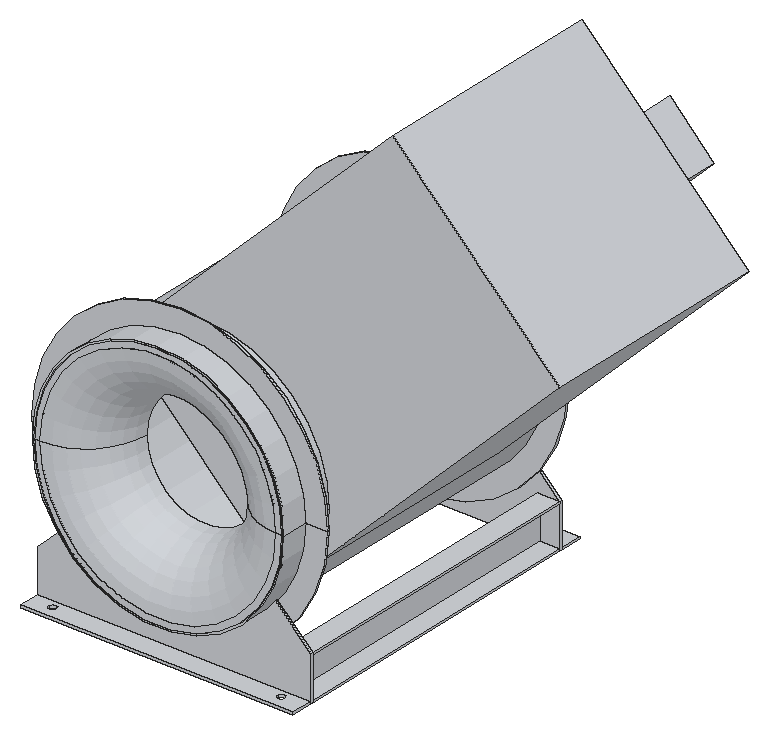
Revit family "QMX-HP_Horizontal", category Mechanical Equipment, Revit 2019 (continued)
Types (145): name | POSITION | MOT_H | MOT_G | MOT_F | MOT_E | MOT_D | MOT_C | MOT_B | MOT_A | MOTOR_H | MOTOR_G | MOTOR_F | MOTOR_E | MOTOR_D | MOTOR_C | MOTOR_B | MOTOR_A | MCHALF | MOTORCOVER | H/2 | H | G/2 | -B/3*2 | -(G/2)-.75 | (G/2)-.75 | G+1.5 | G | F/2 | F-1.5 | F+1.5 | F | E-D-1.5 | E-D | E | D | C/2 | C | B/8 | B/6 | B/3*2 | B/2 | B/10 | B | A/8 | A/4 | A/2 | A | -(B/2) | (F+3)/2 | (A/2)-.125
  135-QMX-HP_HOR_MOTOR_G | 6' - 0" | no | yes | no | no | no | no | no | no | 0' - 1" | 2' - 3 1/2" | 0' - 1" | 0' - 1" | 0' - 1" | 0' - 1" | 0' - 1" | 0' - 1" | 0' - 9" | 1' - 6" | 0' - 0 1/4" | 0' - 0 1/2" | 1' - 0 3/4" | -1' - 6" | -1' - 0" | 1' - 0" | 2' - 3" | 2' - 1 1/2" | 0' - 8 3/4" | 1' - 4" | 1' - 7" | 1' - 5 1/2" | 2' - 2" | 2' - 3 1/2" | 3' - 3 1/2" | 1' - 0" | 0' - 11 1/8" | 1' - 10 1/4" | 0' - 4 1/2" | 0' - 4 1/2" | 1' - 6" | 1' - 1 1/2" | 0' - 2.7" | 2' - 3" | 0' - 2 13/32" | 0' - 4 13/16" | 0' - 9 5/8" | 1' - 7 1/4" | -1' - 1 1/2" | 0' - 10 1/4" | 0' - 9 1/2"
  135-QMX-HP_HOR_MOTOR_H | 7' - 0" | yes | no | no | no | no | no | no | no | 2' - 3 1/2" | 0' - 1" | 0' - 1" | 0' - 1" | 0' - 1" | 0' - 1" | 0' - 1" | 0' - 1" | 0' - 9" | 1' - 6" | 0' - 0 1/4" | 0' - 0 1/2" | 1' - 0 3/4" | -1' - 6" | -1' - 0" | 1' - 0" | 2' - 3" | 2' - 1 1/2" | 0' - 8 3/4" | 1' - 4" | 1' - 7" | 1' - 5 1/2" | 2' - 2" | 2' - 3 1/2" | 3' - 3 1/2" | 1' - 0" | 0' - 11 1/8" | 1' - 10 1/4" | 0' - 4 1/2" | 0' - 4 1/2" | 1' - 6" | 1' - 1 1/2" | 0' - 2.7" | 2' - 3" | 0' - 2 13/32" | 0' - 4 13/16" | 0' - 9 5/8" | 1' - 7 1/4" | -1' - 1 1/2" | 0' - 10 1/4" | 0' - 9 1/2"
  150-QMX-HP_HOR_MOTOR_B | 1' - 0" | no | no | no | no | no | no | yes | no | 0' - 1" | 0' - 1" | 0' - 1" | 0' - 1" | 0' - 1" | 0' - 1" | 2' - 4 7/8" | 0' - 1" | 0' - 10" | 1' - 8" | 0' - 0 1/4" | 0' - 0 1/2" | 1' - 2 5/16" | -1' - 8" | -1' - 1 9/16" | 1' - 1 9/16" | 2' - 6 1/8" | 2' - 4 5/8" | 0' - 9 3/8" | 1' - 5 1/4" | 1' - 8 1/4" | 1' - 6 3/4" | 2' - 3 3/8" | 2' - 4 7/8" | 3' - 6 1/16" | 1' - 1 3/16" | 1' - 0 3/16" | 2' - 0 3/8" | 0' - 5" | 0' - 5" | 1' - 8" | 1' - 3" | 0' - 3" | 2' - 6" | 0' - 2 43/64" | 0' - 5 11/32" | 0' - 10 11/16" | 1' - 9 3/8" | -1' - 3" | 0' - 10 7/8" | 0' - 10 9/16"
  150-QMX-HP_HOR_MOTOR_C | 2' - 0" | no | no | no | no | no | yes | no | no | 0' - 1" | 0' - 1" | 0' - 1" | 0' - 1" | 0' - 1" | 2' - 4 7/8" | 0' - 1" | 0' - 1" | 0' - 10" | 1' - 8" | 0' - 0 1/4" | 0' - 0 1/2" | 1' - 2 5/16" | -1' - 8" | -1' - 1 9/16" | 1' - 1 9/16" | 2' - 6 1/8" | 2' - 4 5/8" | 0' - 9 3/8" | 1' - 5 1/4" | 1' - 8 1/4" | 1' - 6 3/4" | 2' - 3 3/8" | 2' - 4 7/8" | 3' - 6 1/16" | 1' - 1 3/16" | 1' - 0 3/16" | 2' - 0 3/8" | 0' - 5" | 0' - 5" | 1' - 8" | 1' - 3" | 0' - 3" | 2' - 6" | 0' - 2 43/64" | 0' - 5 11/32" | 0' - 10 11/16" | 1' - 9 3/8" | -1' - 3" | 0' - 10 7/8" | 0' - 10 9/16"
  150-QMX-HP_HOR_MOTOR_D | 3' - 0" | no | no | no | no | yes | no | no | no | 0' - 1" | 0' - 1" | 0' - 1" | 0' - 1" | 2' - 4 7/8" | 0' - 1" | 0' - 1" | 0' - 1" | 0' - 10" | 1' - 8" | 0' - 0 1/4" | 0' - 0 1/2" | 1' - 2 5/16" | -1' - 8" | -1' - 1 9/16" | 1' - 1 9/16" | 2' - 6 1/8" | 2' - 4 5/8" | 0' - 9 3/8" | 1' - 5 1/4" | 1' - 8 1/4" | 1' - 6 3/4" | 2' - 3 3/8" | 2' - 4 7/8" | 3' - 6 1/16" | 1' - 1 3/16" | 1' - 0 3/16" | 2' - 0 3/8" | 0' - 5" | 0' - 5" | 1' - 8" | 1' - 3" | 0' - 3" | 2' - 6" | 0' - 2 43/64" | 0' - 5 11/32" | 0' - 10 11/16" | 1' - 9 3/8" | -1' - 3" | 0' - 10 7/8" | 0' - 10 9/16"
  150-QMX-HP_HOR_MOTOR_E | 4' - 0" | no | no | no | yes | no | no | no | no | 0' - 1" | 0' - 1" | 0' - 1" | 2' - 4 7/8" | 0' - 1" | 0' - 1" | 0' - 1" | 0' - 1" | 0' - 10" | 1' - 8" | 0' - 0 1/4" | 0' - 0 1/2" | 1' - 2 5/16" | -1' - 8" | -1' - 1 9/16" | 1' - 1 9/16" | 2' - 6 1/8" | 2' - 4 5/8" | 0' - 9 3/8" | 1' - 5 1/4" | 1' - 8 1/4" | 1' - 6 3/4" | 2' - 3 3/8" | 2' - 4 7/8" | 3' - 6 1/16" | 1' - 1 3/16" | 1' - 0 3/16" | 2' - 0 3/8" | 0' - 5" | 0' - 5" | 1' - 8" | 1' - 3" | 0' - 3" | 2' - 6" | 0' - 2 43/64" | 0' - 5 11/32" | 0' - 10 11/16" | 1' - 9 3/8" | -1' - 3" | 0' - 10 7/8" | 0' - 10 9/16"
  150-QMX-HP_HOR_MOTOR_F | 5' - 0" | no | no | yes | no | no | no | no | no | 0' - 1" | 0' - 1" | 2' - 4 7/8" | 0' - 1" | 0' - 1" | 0' - 1" | 0' - 1" | 0' - 1" | 0' - 10" | 1' - 8" | 0' - 0 1/4" | 0' - 0 1/2" | 1' - 2 5/16" | -1' - 8" | -1' - 1 9/16" | 1' - 1 9/16" | 2' - 6 1/8" | 2' - 4 5/8" | 0' - 9 3/8" | 1' - 5 1/4" | 1' - 8 1/4" | 1' - 6 3/4" | 2' - 3 3/8" | 2' - 4 7/8" | 3' - 6 1/16" | 1' - 1 3/16" | 1' - 0 3/16" | 2' - 0 3/8" | 0' - 5" | 0' - 5" | 1' - 8" | 1' - 3" | 0' - 3" | 2' - 6" | 0' - 2 43/64" | 0' - 5 11/32" | 0' - 10 11/16" | 1' - 9 3/8" | -1' - 3" | 0' - 10 7/8" | 0' - 10 9/16"
  150-QMX-HP_HOR_MOTOR_G | 6' - 0" | no | yes | no | no | no | no | no | no | 0' - 1" | 2' - 4 7/8" | 0' - 1" | 0' - 1" | 0' - 1" | 0' - 1" | 0' - 1" | 0' - 1" | 0' - 10" | 1' - 8" | 0' - 0 1/4" | 0' - 0 1/2" | 1' - 2 5/16" | -1' - 8" | -1' - 1 9/16" | 1' - 1 9/16" | 2' - 6 1/8" | 2' - 4 5/8" | 0' - 9 3/8" | 1' - 5 1/4" | 1' - 8 1/4" | 1' - 6 3/4" | 2' - 3 3/8" | 2' - 4 7/8" | 3' - 6 1/16" | 1' - 1 3/16" | 1' - 0 3/16" | 2' - 0 3/8" | 0' - 5" | 0' - 5" | 1' - 8" | 1' - 3" | 0' - 3" | 2' - 6" | 0' - 2 43/64" | 0' - 5 11/32" | 0' - 10 11/16" | 1' - 9 3/8" | -1' - 3" | 0' - 10 7/8" | 0' - 10 9/16"
  150-QMX-HP_HOR_MOTOR_H | 7' - 0" | yes | no | no | no | no | no | no | no | 2' - 4 7/8" | 0' - 1" | 0' - 1" | 0' - 1" | 0' - 1" | 0' - 1" | 0' - 1" | 0' - 1" | 0' - 10" | 1' - 8" | 0' - 0 1/4" | 0' - 0 1/2" | 1' - 2 5/16" | -1' - 8" | -1' - 1 9/16" | 1' - 1 9/16" | 2' - 6 1/8" | 2' - 4 5/8" | 0' - 9 3/8" | 1' - 5 1/4" | 1' - 8 1/4" | 1' - 6 3/4" | 2' - 3 3/8" | 2' - 4 7/8" | 3' - 6 1/16" | 1' - 1 3/16" | 1' - 0 3/16" | 2' - 0 3/8" | 0' - 5" | 0' - 5" | 1' - 8" | 1' - 3" | 0' - 3" | 2' - 6" | 0' - 2 43/64" | 0' - 5 11/32" | 0' - 10 11/16" | 1' - 9 3/8" | -1' - 3" | 0' - 10 7/8" | 0' - 10 9/16"
  165-QMX-HP_HOR_MOTOR_B | 1' - 0" | no | no | no | no | no | no | yes | no | 0' - 1" | 0' - 1" | 0' - 1" | 0' - 1" | 0' - 1" | 0' - 1" | 2' - 5 7/16" | 0' - 1" | 0' - 10" | 1' - 8" | 0' - 0 1/4" | 0' - 0 1/2" | 1' - 3 13/16" | -1' - 10" | -1' - 3 1/16" | 1' - 3 1/16" | 2' - 9 1/8" | 2' - 7 5/8" | 0' - 10 13/32" | 1' - 7 5/16" | 1' - 10 5/16" | 1' - 8 13/16" | 2' - 3 15/16" | 2' - 5 7/16" | 3' - 7 3/4" | 1' - 2 5/16" | 1' - 1 1/4" | 2' - 2 1/2" | 0' - 5 1/2" | 0' - 5 1/2" | 1' - 10" | 1' - 4 1/2" | 0' - 3.3" | 2' - 9" | 0' - 2 15/16" | 0' - 5 7/8" | 0' - 11 3/4" | 1' - 11 1/2" | -1' - 4 1/2" | 0' - 11 29/32" | 0' - 11 5/8"
  165-QMX-HP_HOR_MOTOR_C | 2' - 0" | no | no | no | no | no | yes | no | no | 0' - 1" | 0' - 1" | 0' - 1" | 0' - 1" | 0' - 1" | 2' - 5 7/16" | 0' - 1" | 0' - 1" | 0' - 10" | 1' - 8" | 0' - 0 1/4" | 0' - 0 1/2" | 1' - 3 13/16" | -1' - 10" | -1' - 3 1/16" | 1' - 3 1/16" | 2' - 9 1/8" | 2' - 7 5/8" | 0' - 10 13/32" | 1' - 7 5/16" | 1' - 10 5/16" | 1' - 8 13/16" | 2' - 3 15/16" | 2' - 5 7/16" | 3' - 7 3/4" | 1' - 2 5/16" | 1' - 1 1/4" | 2' - 2 1/2" | 0' - 5 1/2" | 0' - 5 1/2" | 1' - 10" | 1' - 4 1/2" | 0' - 3.3" | 2' - 9" | 0' - 2 15/16" | 0' - 5 7/8" | 0' - 11 3/4" | 1' - 11 1/2" | -1' - 4 1/2" | 0' - 11 29/32" | 0' - 11 5/8"
  165-QMX-HP_HOR_MOTOR_D | 3' - 0" | no | no | no | no | yes | no | no | no | 0' - 1" | 0' - 1" | 0' - 1" | 0' - 1" | 2' - 5 7/16" | 0' - 1" | 0' - 1" | 0' - 1" | 0' - 10" | 1' - 8" | 0' - 0 1/4" | 0' - 0 1/2" | 1' - 3 13/16" | -1' - 10" | -1' - 3 1/16" | 1' - 3 1/16" | 2' - 9 1/8" | 2' - 7 5/8" | 0' - 10 13/32" | 1' - 7 5/16" | 1' - 10 5/16" | 1' - 8 13/16" | 2' - 3 15/16" | 2' - 5 7/16" | 3' - 7 3/4" | 1' - 2 5/16" | 1' - 1 1/4" | 2' - 2 1/2" | 0' - 5 1/2" | 0' - 5 1/2" | 1' - 10" | 1' - 4 1/2" | 0' - 3.3" | 2' - 9" | 0' - 2 15/16" | 0' - 5 7/8" | 0' - 11 3/4" | 1' - 11 1/2" | -1' - 4 1/2" | 0' - 11 29/32" | 0' - 11 5/8"
  165-QMX-HP_HOR_MOTOR_E | 4' - 0" | no | no | no | yes | no | no | no | no | 0' - 1" | 0' - 1" | 0' - 1" | 2' - 5 7/16" | 0' - 1" | 0' - 1" | 0' - 1" | 0' - 1" | 0' - 10" | 1' - 8" | 0' - 0 1/4" | 0' - 0 1/2" | 1' - 3 13/16" | -1' - 10" | -1' - 3 1/16" | 1' - 3 1/16" | 2' - 9 1/8" | 2' - 7 5/8" | 0' - 10 13/32" | 1' - 7 5/16" | 1' - 10 5/16" | 1' - 8 13/16" | 2' - 3 15/16" | 2' - 5 7/16" | 3' - 7 3/4" | 1' - 2 5/16" | 1' - 1 1/4" | 2' - 2 1/2" | 0' - 5 1/2" | 0' - 5 1/2" | 1' - 10" | 1' - 4 1/2" | 0' - 3.3" | 2' - 9" | 0' - 2 15/16" | 0' - 5 7/8" | 0' - 11 3/4" | 1' - 11 1/2" | -1' - 4 1/2" | 0' - 11 29/32" | 0' - 11 5/8"
  165-QMX-HP_HOR_MOTOR_F | 5' - 0" | no | no | yes | no | no | no | no | no | 0' - 1" | 0' - 1" | 2' - 5 7/16" | 0' - 1" | 0' - 1" | 0' - 1" | 0' - 1" | 0' - 1" | 0' - 10" | 1' - 8" | 0' - 0 1/4" | 0' - 0 1/2" | 1' - 3 13/16" | -1' - 10" | -1' - 3 1/16" | 1' - 3 1/16" | 2' - 9 1/8" | 2' - 7 5/8" | 0' - 10 13/32" | 1' - 7 5/16" | 1' - 10 5/16" | 1' - 8 13/16" | 2' - 3 15/16" | 2' - 5 7/16" | 3' - 7 3/4" | 1' - 2 5/16" | 1' - 1 1/4" | 2' - 2 1/2" | 0' - 5 1/2" | 0' - 5 1/2" | 1' - 10" | 1' - 4 1/2" | 0' - 3.3" | 2' - 9" | 0' - 2 15/16" | 0' - 5 7/8" | 0' - 11 3/4" | 1' - 11 1/2" | -1' - 4 1/2" | 0' - 11 29/32" | 0' - 11 5/8"
  165-QMX-HP_HOR_MOTOR_G | 6' - 0" | no | yes | no | no | no | no | no | no | 0' - 1" | 2' - 5 7/16" | 0' - 1" | 0' - 1" | 0' - 1" | 0' - 1" | 0' - 1" | 0' - 1" | 0' - 10" | 1' - 8" | 0' - 0 1/4" | 0' - 0 1/2" | 1' - 3 13/16" | -1' - 10" | -1' - 3 1/16" | 1' - 3 1/16" | 2' - 9 1/8" | 2' - 7 5/8" | 0' - 10 13/32" | 1' - 7 5/16" | 1' - 10 5/16" | 1' - 8 13/16" | 2' - 3 15/16" | 2' - 5 7/16" | 3' - 7 3/4" | 1' - 2 5/16" | 1' - 1 1/4" | 2' - 2 1/2" | 0' - 5 1/2" | 0' - 5 1/2" | 1' - 10" | 1' - 4 1/2" | 0' - 3.3" | 2' - 9" | 0' - 2 15/16" | 0' - 5 7/8" | 0' - 11 3/4" | 1' - 11 1/2" | -1' - 4 1/2" | 0' - 11 29/32" | 0' - 11 5/8"
  165-QMX-HP_HOR_MOTOR_H | 7' - 0" | yes | no | no | no | no | no | no | no | 2' - 5 7/16" | 0' - 1" | 0' - 1" | 0' - 1" | 0' - 1" | 0' - 1" | 0' - 1" | 0' - 1" | 0' - 10" | 1' - 8" | 0' - 0 1/4" | 0' - 0 1/2" | 1' - 3 13/16" | -1' - 10" | -1' - 3 1/16" | 1' - 3 1/16" | 2' - 9 1/8" | 2' - 7 5/8" | 0' - 10 13/32" | 1' - 7 5/16" | 1' - 10 5/16" | 1' - 8 13/16" | 2' - 3 15/16" | 2' - 5 7/16" | 3' - 7 3/4" | 1' - 2 5/16" | 1' - 1 1/4" | 2' - 2 1/2" | 0' - 5 1/2" | 0' - 5 1/2" | 1' - 10" | 1' - 4 1/2" | 0' - 3.3" | 2' - 9" | 0' - 2 15/16" | 0' - 5 7/8" | 0' - 11 3/4" | 1' - 11 1/2" | -1' - 4 1/2" | 0' - 11 29/32" | 0' - 11 5/8"
  180-QMX-HP_HOR_MOTOR_B | 1' - 0" | no | no | no | no | no | no | yes | no | 0' - 1" | 0' - 1" | 0' - 1" | 0' - 1" | 0' - 1" | 0' - 1" | 2' - 6 3/4" | 0' - 1" | 0' - 10" | 1' - 8" | 0' - 0 9/32" | 0' - 0 9/16" | 1' - 4 13/16" | -1' - 11.33333" | -1' - 4 1/16" | 1' - 4 1/16" | 2' - 11 1/8" | 2' - 9 5/8" | 0' - 11 13/32" | 1' - 9 5/16" | 2' - 0 5/16" | 1' - 10 13/16" | 2' - 5 1/4" | 2' - 6 3/4" | 3' - 10 1/4" | 1' - 3 1/2" | 1' - 2 5/16" | 2' - 4 5/8" | 0' - 5.83333" | 0' - 5.83333" | 1' - 11.33333" | 1' - 5 1/2" | 0' - 3 1/2" | 2' - 11" | 0' - 3 13/64" | 0' - 6 13/32" | 1' - 0 13/16" | 2' - 1 5/8" | -1' - 5 1/2" | 1' - 0 29/32" | 1' - 0 11/16"
  180-QMX-HP_HOR_MOTOR_C | 2' - 0" | no | no | no | no | no | yes | no | no | 0' - 1" | 0' - 1" | 0' - 1" | 0' - 1" | 0' - 1" | 2' - 6 3/4" | 0' - 1" | 0' - 1" | 0' - 10" | 1' - 8" | 0' - 0 9/32" | 0' - 0 9/16" | 1' - 4 13/16" | -1' - 11.33333" | -1' - 4 1/16" | 1' - 4 1/16" | 2' - 11 1/8" | 2' - 9 5/8" | 0' - 11 13/32" | 1' - 9 5/16" | 2' - 0 5/16" | 1' - 10 13/16" | 2' - 5 1/4" | 2' - 6 3/4" | 3' - 10 1/4" | 1' - 3 1/2" | 1' - 2 5/16" | 2' - 4 5/8" | 0' - 5.83333" | 0' - 5.83333" | 1' - 11.33333" | 1' - 5 1/2" | 0' - 3 1/2" | 2' - 11" | 0' - 3 13/64" | 0' - 6 13/32" | 1' - 0 13/16" | 2' - 1 5/8" | -1' - 5 1/2" | 1' - 0 29/32" | 1' - 0 11/16"
  180-QMX-HP_HOR_MOTOR_D | 3' - 0" | no | no | no | no | yes | no | no | no | 0' - 1" | 0' - 1" | 0' - 1" | 0' - 1" | 2' - 6 3/4" | 0' - 1" | 0' - 1" | 0' - 1" | 0' - 10" | 1' - 8" | 0' - 0 9/32" | 0' - 0 9/16" | 1' - 4 13/16" | -1' - 11.33333" | -1' - 4 1/16" | 1' - 4 1/16" | 2' - 11 1/8" | 2' - 9 5/8" | 0' - 11 13/32" | 1' - 9 5/16" | 2' - 0 5/16" | 1' - 10 13/16" | 2' - 5 1/4" | 2' - 6 3/4" | 3' - 10 1/4" | 1' - 3 1/2" | 1' - 2 5/16" | 2' - 4 5/8" | 0' - 5.83333" | 0' - 5.83333" | 1' - 11.33333" | 1' - 5 1/2" | 0' - 3 1/2" | 2' - 11" | 0' - 3 13/64" | 0' - 6 13/32" | 1' - 0 13/16" | 2' - 1 5/8" | -1' - 5 1/2" | 1' - 0 29/32" | 1' - 0 11/16"
  180-QMX-HP_HOR_MOTOR_E | 4' - 0" | no | no | no | yes | no | no | no | no | 0' - 1" | 0' - 1" | 0' - 1" | 2' - 6 3/4" | 0' - 1" | 0' - 1" | 0' - 1" | 0' - 1" | 0' - 10" | 1' - 8" | 0' - 0 9/32" | 0' - 0 9/16" | 1' - 4 13/16" | -1' - 11.33333" | -1' - 4 1/16" | 1' - 4 1/16" | 2' - 11 1/8" | 2' - 9 5/8" | 0' - 11 13/32" | 1' - 9 5/16" | 2' - 0 5/16" | 1' - 10 13/16" | 2' - 5 1/4" | 2' - 6 3/4" | 3' - 10 1/4" | 1' - 3 1/2" | 1' - 2 5/16" | 2' - 4 5/8" | 0' - 5.83333" | 0' - 5.83333" | 1' - 11.33333" | 1' - 5 1/2" | 0' - 3 1/2" | 2' - 11" | 0' - 3 13/64" | 0' - 6 13/32" | 1' - 0 13/16" | 2' - 1 5/8" | -1' - 5 1/2" | 1' - 0 29/32" | 1' - 0 11/16"
  180-QMX-HP_HOR_MOTOR_F | 5' - 0" | no | no | yes | no | no | no | no | no | 0' - 1" | 0' - 1" | 2' - 6 3/4" | 0' - 1" | 0' - 1" | 0' - 1" | 0' - 1" | 0' - 1" | 0' - 10" | 1' - 8" | 0' - 0 9/32" | 0' - 0 9/16" | 1' - 4 13/16" | -1' - 11.33333" | -1' - 4 1/16" | 1' - 4 1/16" | 2' - 11 1/8" | 2' - 9 5/8" | 0' - 11 13/32" | 1' - 9 5/16" | 2' - 0 5/16" | 1' - 10 13/16" | 2' - 5 1/4" | 2' - 6 3/4" | 3' - 10 1/4" | 1' - 3 1/2" | 1' - 2 5/16" | 2' - 4 5/8" | 0' - 5.83333" | 0' - 5.83333" | 1' - 11.33333" | 1' - 5 1/2" | 0' - 3 1/2" | 2' - 11" | 0' - 3 13/64" | 0' - 6 13/32" | 1' - 0 13/16" | 2' - 1 5/8" | -1' - 5 1/2" | 1' - 0 29/32" | 1' - 0 11/16"
  180-QMX-HP_HOR_MOTOR_G | 6' - 0" | no | yes | no | no | no | no | no | no | 0' - 1" | 2' - 6 3/4" | 0' - 1" | 0' - 1" | 0' - 1" | 0' - 1" | 0' - 1" | 0' - 1" | 0' - 10" | 1' - 8" | 0' - 0 9/32" | 0' - 0 9/16" | 1' - 4 13/16" | -1' - 11.33333" | -1' - 4 1/16" | 1' - 4 1/16" | 2' - 11 1/8" | 2' - 9 5/8" | 0' - 11 13/32" | 1' - 9 5/16" | 2' - 0 5/16" | 1' - 10 13/16" | 2' - 5 1/4" | 2' - 6 3/4" | 3' - 10 1/4" | 1' - 3 1/2" | 1' - 2 5/16" | 2' - 4 5/8" | 0' - 5.83333" | 0' - 5.83333" | 1' - 11.33333" | 1' - 5 1/2" | 0' - 3 1/2" | 2' - 11" | 0' - 3 13/64" | 0' - 6 13/32" | 1' - 0 13/16" | 2' - 1 5/8" | -1' - 5 1/2" | 1' - 0 29/32" | 1' - 0 11/16"
  180-QMX-HP_HOR_MOTOR_H | 7' - 0" | yes | no | no | no | no | no | no | no | 2' - 6 3/4" | 0' - 1" | 0' - 1" | 0' - 1" | 0' - 1" | 0' - 1" | 0' - 1" | 0' - 1" | 0' - 10" | 1' - 8" | 0' - 0 9/32" | 0' - 0 9/16" | 1' - 4 13/16" | -1' - 11.33333" | -1' - 4 1/16" | 1' - 4 1/16" | 2' - 11 1/8" | 2' - 9 5/8" | 0' - 11 13/32" | 1' - 9 5/16" | 2' - 0 5/16" | 1' - 10 13/16" | 2' - 5 1/4" | 2' - 6 3/4" | 3' - 10 1/4" | 1' - 3 1/2" | 1' - 2 5/16" | 2' - 4 5/8" | 0' - 5.83333" | 0' - 5.83333" | 1' - 11.33333" | 1' - 5 1/2" | 0' - 3 1/2" | 2' - 11" | 0' - 3 13/64" | 0' - 6 13/32" | 1' - 0 13/16" | 2' - 1 5/8" | -1' - 5 1/2" | 1' - 0 29/32" | 1' - 0 11/16"
  202-QMX-HP_HOR_MOTOR_B | 1' - 0" | no | no | no | no | no | no | yes | no | 0' - 1" | 0' - 1" | 0' - 1" | 0' - 1" | 0' - 1" | 0' - 1" | 2' - 8 11/16" | 0' - 1" | 0' - 10" | 1' - 8" | 0' - 0 9/32" | 0' - 0 9/16" | 1' - 6 1/16" | -2' - 1" | -1' - 5 5/16" | 1' - 5 5/16" | 3' - 1 5/8" | 3' - 0 1/8" | 1' - 0 1/8" | 1' - 10 3/4" | 2' - 1 3/4" | 2' - 0 1/4" | 2' - 7 3/16" | 2' - 8 11/16" | 4' - 1 15/16" | 1' - 5 1/4" | 1' - 3 7/8" | 2' - 7 3/4" | 0' - 6 1/4" | 0' - 6 1/4" | 2' - 1" | 1' - 6 3/4" | 0' - 3 3/4" | 3' - 1 1/2" | 0' - 3 19/32" | 0' - 7 3/16" | 1' - 2 3/8" | 2' - 4 3/4" | -1' - 6 3/4" | 1' - 1 5/8" | 1' - 2 1/4"
  202-QMX-HP_HOR_MOTOR_C | 2' - 0" | no | no | no | no | no | yes | no | no | 0' - 1" | 0' - 1" | 0' - 1" | 0' - 1" | 0' - 1" | 2' - 8 11/16" | 0' - 1" | 0' - 1" | 0' - 10" | 1' - 8" | 0' - 0 9/32" | 0' - 0 9/16" | 1' - 6 1/16" | -2' - 1" | -1' - 5 5/16" | 1' - 5 5/16" | 3' - 1 5/8" | 3' - 0 1/8" | 1' - 0 1/8" | 1' - 10 3/4" | 2' - 1 3/4" | 2' - 0 1/4" | 2' - 7 3/16" | 2' - 8 11/16" | 4' - 1 15/16" | 1' - 5 1/4" | 1' - 3 7/8" | 2' - 7 3/4" | 0' - 6 1/4" | 0' - 6 1/4" | 2' - 1" | 1' - 6 3/4" | 0' - 3 3/4" | 3' - 1 1/2" | 0' - 3 19/32" | 0' - 7 3/16" | 1' - 2 3/8" | 2' - 4 3/4" | -1' - 6 3/4" | 1' - 1 5/8" | 1' - 2 1/4"
  202-QMX-HP_HOR_MOTOR_D | 3' - 0" | no | no | no | no | yes | no | no | no | 0' - 1" | 0' - 1" | 0' - 1" | 0' - 1" | 2' - 8 11/16" | 0' - 1" | 0' - 1" | 0' - 1" | 0' - 10" | 1' - 8" | 0' - 0 9/32" | 0' - 0 9/16" | 1' - 6 1/16" | -2' - 1" | -1' - 5 5/16" | 1' - 5 5/16" | 3' - 1 5/8" | 3' - 0 1/8" | 1' - 0 1/8" | 1' - 10 3/4" | 2' - 1 3/4" | 2' - 0 1/4" | 2' - 7 3/16" | 2' - 8 11/16" | 4' - 1 15/16" | 1' - 5 1/4" | 1' - 3 7/8" | 2' - 7 3/4" | 0' - 6 1/4" | 0' - 6 1/4" | 2' - 1" | 1' - 6 3/4" | 0' - 3 3/4" | 3' - 1 1/2" | 0' - 3 19/32" | 0' - 7 3/16" | 1' - 2 3/8" | 2' - 4 3/4" | -1' - 6 3/4" | 1' - 1 5/8" | 1' - 2 1/4"
  202-QMX-HP_HOR_MOTOR_E | 4' - 0" | no | no | no | yes | no | no | no | no | 0' - 1" | 0' - 1" | 0' - 1" | 2' - 8 11/16" | 0' - 1" | 0' - 1" | 0' - 1" | 0' - 1" | 0' - 10" | 1' - 8" | 0' - 0 9/32" | 0' - 0 9/16" | 1' - 6 1/16" | -2' - 1" | -1' - 5 5/16" | 1' - 5 5/16" | 3' - 1 5/8" | 3' - 0 1/8" | 1' - 0 1/8" | 1' - 10 3/4" | 2' - 1 3/4" | 2' - 0 1/4" | 2' - 7 3/16" | 2' - 8 11/16" | 4' - 1 15/16" | 1' - 5 1/4" | 1' - 3 7/8" | 2' - 7 3/4" | 0' - 6 1/4" | 0' - 6 1/4" | 2' - 1" | 1' - 6 3/4" | 0' - 3 3/4" | 3' - 1 1/2" | 0' - 3 19/32" | 0' - 7 3/16" | 1' - 2 3/8" | 2' - 4 3/4" | -1' - 6 3/4" | 1' - 1 5/8" | 1' - 2 1/4"
  202-QMX-HP_HOR_MOTOR_F | 5' - 0" | no | no | yes | no | no | no | no | no | 0' - 1" | 0' - 1" | 2' - 8 11/16" | 0' - 1" | 0' - 1" | 0' - 1" | 0' - 1" | 0' - 1" | 0' - 10" | 1' - 8" | 0' - 0 9/32" | 0' - 0 9/16" | 1' - 6 1/16" | -2' - 1" | -1' - 5 5/16" | 1' - 5 5/16" | 3' - 1 5/8" | 3' - 0 1/8" | 1' - 0 1/8" | 1' - 10 3/4" | 2' - 1 3/4" | 2' - 0 1/4" | 2' - 7 3/16" | 2' - 8 11/16" | 4' - 1 15/16" | 1' - 5 1/4" | 1' - 3 7/8" | 2' - 7 3/4" | 0' - 6 1/4" | 0' - 6 1/4" | 2' - 1" | 1' - 6 3/4" | 0' - 3 3/4" | 3' - 1 1/2" | 0' - 3 19/32" | 0' - 7 3/16" | 1' - 2 3/8" | 2' - 4 3/4" | -1' - 6 3/4" | 1' - 1 5/8" | 1' - 2 1/4"
  202-QMX-HP_HOR_MOTOR_G | 6' - 0" | no | yes | no | no | no | no | no | no | 0' - 1" | 2' - 8 11/16" | 0' - 1" | 0' - 1" | 0' - 1" | 0' - 1" | 0' - 1" | 0' - 1" | 0' - 10" | 1' - 8" | 0' - 0 9/32" | 0' - 0 9/16" | 1' - 6 1/16" | -2' - 1" | -1' - 5 5/16" | 1' - 5 5/16" | 3' - 1 5/8" | 3' - 0 1/8" | 1' - 0 1/8" | 1' - 10 3/4" | 2' - 1 3/4" | 2' - 0 1/4" | 2' - 7 3/16" | 2' - 8 11/16" | 4' - 1 15/16" | 1' - 5 1/4" | 1' - 3 7/8" | 2' - 7 3/4" | 0' - 6 1/4" | 0' - 6 1/4" | 2' - 1" | 1' - 6 3/4" | 0' - 3 3/4" | 3' - 1 1/2" | 0' - 3 19/32" | 0' - 7 3/16" | 1' - 2 3/8" | 2' - 4 3/4" | -1' - 6 3/4" | 1' - 1 5/8" | 1' - 2 1/4"
  202-QMX-HP_HOR_MOTOR_H | 7' - 0" | yes | no | no | no | no | no | no | no | 2' - 8 11/16" | 0' - 1" | 0' - 1" | 0' - 1" | 0' - 1" | 0' - 1" | 0' - 1" | 0' - 1" | 0' - 10" | 1' - 8" | 0' - 0 9/32" | 0' - 0 9/16" | 1' - 6 1/16" | -2' - 1" | -1' - 5 5/16" | 1' - 5 5/16" | 3' - 1 5/8" | 3' - 0 1/8" | 1' - 0 1/8" | 1' - 10 3/4" | 2' - 1 3/4" | 2' - 0 1/4" | 2' - 7 3/16" | 2' - 8 11/16" | 4' - 1 15/16" | 1' - 5 1/4" | 1' - 3 7/8" | 2' - 7 3/4" | 0' - 6 1/4" | 0' - 6 1/4" | 2' - 1" | 1' - 6 3/4" | 0' - 3 3/4" | 3' - 1 1/2" | 0' - 3 19/32" | 0' - 7 3/16" | 1' - 2 3/8" | 2' - 4 3/4" | -1' - 6 3/4" | 1' - 1 5/8" | 1' - 2 1/4"
  225-QMX-HP_HOR_MOTOR_B | 1' - 0" | no | no | no | no | no | no | yes | no | 0' - 1" | 0' - 1" | 0' - 1" | 0' - 1" | 0' - 1" | 0' - 1" | 3' - 0 13/16" | 0' - 1" | 0' - 10 165/256" | 1' - 9 37/128" | 0' - 0 9/32" | 0' - 0 9/16" | 1' - 7 13/16" | -2' - 3.33333" | -1' - 7 1/16" | 1' - 7 1/16" | 3' - 5 1/8" | 3' - 3 5/8" | 1' - 1 15/32" | 2' - 1 7/16" | 2' - 4 7/16" | 2' - 2 15/16" | 2' - 11 5/16" | 3' - 0 13/16" | 4' - 7 13/16" | 1' - 7" | 1' - 5 15/32" | 2' - 10 15/16" | 0' - 6.83333" | 0' - 6.83333" | 2' - 3.33333" | 1' - 8 1/2" | 0' - 4.1" | 3' - 5" | 0' - 3 127/128" | 0' - 7 63/64" | 1' - 3 31/32" | 2' - 7 15/16" | -1' - 8 1/2" | 1' - 2 31/32" | 1' - 3 27/32"
  225-QMX-HP_HOR_MOTOR_C | 2' - 0" | no | no | no | no | no | yes | no | no | 0' - 1" | 0' - 1" | 0' - 1" | 0' - 1" | 0' - 1" | 3' - 0 13/16" | 0' - 1" | 0' - 1" | 0' - 10 165/256" | 1' - 9 37/128" | 0' - 0 9/32" | 0' - 0 9/16" | 1' - 7 13/16" | -2' - 3.33333" | -1' - 7 1/16" | 1' - 7 1/16" | 3' - 5 1/8" | 3' - 3 5/8" | 1' - 1 15/32" | 2' - 1 7/16" | 2' - 4 7/16" | 2' - 2 15/16" | 2' - 11 5/16" | 3' - 0 13/16" | 4' - 7 13/16" | 1' - 7" | 1' - 5 15/32" | 2' - 10 15/16" | 0' - 6.83333" | 0' - 6.83333" | 2' - 3.33333" | 1' - 8 1/2" | 0' - 4.1" | 3' - 5" | 0' - 3 127/128" | 0' - 7 63/64" | 1' - 3 31/32" | 2' - 7 15/16" | -1' - 8 1/2" | 1' - 2 31/32" | 1' - 3 27/32"
  225-QMX-HP_HOR_MOTOR_D | 3' - 0" | no | no | no | no | yes | no | no | no | 0' - 1" | 0' - 1" | 0' - 1" | 0' - 1" | 3' - 0 13/16" | 0' - 1" | 0' - 1" | 0' - 1" | 0' - 10 165/256" | 1' - 9 37/128" | 0' - 0 9/32" | 0' - 0 9/16" | 1' - 7 13/16" | -2' - 3.33333" | -1' - 7 1/16" | 1' - 7 1/16" | 3' - 5 1/8" | 3' - 3 5/8" | 1' - 1 15/32" | 2' - 1 7/16" | 2' - 4 7/16" | 2' - 2 15/16" | 2' - 11 5/16" | 3' - 0 13/16" | 4' - 7 13/16" | 1' - 7" | 1' - 5 15/32" | 2' - 10 15/16" | 0' - 6.83333" | 0' - 6.83333" | 2' - 3.33333" | 1' - 8 1/2" | 0' - 4.1" | 3' - 5" | 0' - 3 127/128" | 0' - 7 63/64" | 1' - 3 31/32" | 2' - 7 15/16" | -1' - 8 1/2" | 1' - 2 31/32" | 1' - 3 27/32"
  225-QMX-HP_HOR_MOTOR_E | 4' - 0" | no | no | no | yes | no | no | no | no | 0' - 1" | 0' - 1" | 0' - 1" | 3' - 0 13/16" | 0' - 1" | 0' - 1" | 0' - 1" | 0' - 1" | 0' - 10 165/256" | 1' - 9 37/128" | 0' - 0 9/32" | 0' - 0 9/16" | 1' - 7 13/16" | -2' - 3.33333" | -1' - 7 1/16" | 1' - 7 1/16" | 3' - 5 1/8" | 3' - 3 5/8" | 1' - 1 15/32" | 2' - 1 7/16" | 2' - 4 7/16" | 2' - 2 15/16" | 2' - 11 5/16" | 3' - 0 13/16" | 4' - 7 13/16" | 1' - 7" | 1' - 5 15/32" | 2' - 10 15/16" | 0' - 6.83333" | 0' - 6.83333" | 2' - 3.33333" | 1' - 8 1/2" | 0' - 4.1" | 3' - 5" | 0' - 3 127/128" | 0' - 7 63/64" | 1' - 3 31/32" | 2' - 7 15/16" | -1' - 8 1/2" | 1' - 2 31/32" | 1' - 3 27/32"
  225-QMX-HP_HOR_MOTOR_F | 5' - 0" | no | no | yes | no | no | no | no | no | 0' - 1" | 0' - 1" | 3' - 0 13/16" | 0' - 1" | 0' - 1" | 0' - 1" | 0' - 1" | 0' - 1" | 0' - 10 165/256" | 1' - 9 37/128" | 0' - 0 9/32" | 0' - 0 9/16" | 1' - 7 13/16" | -2' - 3.33333" | -1' - 7 1/16" | 1' - 7 1/16" | 3' - 5 1/8" | 3' - 3 5/8" | 1' - 1 15/32" | 2' - 1 7/16" | 2' - 4 7/16" | 2' - 2 15/16" | 2' - 11 5/16" | 3' - 0 13/16" | 4' - 7 13/16" | 1' - 7" | 1' - 5 15/32" | 2' - 10 15/16" | 0' - 6.83333" | 0' - 6.83333" | 2' - 3.33333" | 1' - 8 1/2" | 0' - 4.1" | 3' - 5" | 0' - 3 127/128" | 0' - 7 63/64" | 1' - 3 31/32" | 2' - 7 15/16" | -1' - 8 1/2" | 1' - 2 31/32" | 1' - 3 27/32"
  225-QMX-HP_HOR_MOTOR_G | 6' - 0" | no | yes | no | no | no | no | no | no | 0' - 1" | 3' - 0 13/16" | 0' - 1" | 0' - 1" | 0' - 1" | 0' - 1" | 0' - 1" | 0' - 1" | 0' - 10 165/256" | 1' - 9 37/128" | 0' - 0 9/32" | 0' - 0 9/16" | 1' - 7 13/16" | -2' - 3.33333" | -1' - 7 1/16" | 1' - 7 1/16" | 3' - 5 1/8" | 3' - 3 5/8" | 1' - 1 15/32" | 2' - 1 7/16" | 2' - 4 7/16" | 2' - 2 15/16" | 2' - 11 5/16" | 3' - 0 13/16" | 4' - 7 13/16" | 1' - 7" | 1' - 5 15/32" | 2' - 10 15/16" | 0' - 6.83333" | 0' - 6.83333" | 2' - 3.33333" | 1' - 8 1/2" | 0' - 4.1" | 3' - 5" | 0' - 3 127/128" | 0' - 7 63/64" | 1' - 3 31/32" | 2' - 7 15/16" | -1' - 8 1/2" | 1' - 2 31/32" | 1' - 3 27/32"
  225-QMX-HP_HOR_MOTOR_H | 7' - 0" | yes | no | no | no | no | no | no | no | 3' - 0 13/16" | 0' - 1" | 0' - 1" | 0' - 1" | 0' - 1" | 0' - 1" | 0' - 1" | 0' - 1" | 0' - 10 165/256" | 1' - 9 37/128" | 0' - 0 9/32" | 0' - 0 9/16" | 1' - 7 13/16" | -2' - 3.33333" | -1' - 7 1/16" | 1' - 7 1/16" | 3' - 5 1/8" | 3' - 3 5/8" | 1' - 1 15/32" | 2' - 1 7/16" | 2' - 4 7/16" | 2' - 2 15/16" | 2' - 11 5/16" | 3' - 0 13/16" | 4' - 7 13/16" | 1' - 7" | 1' - 5 15/32" | 2' - 10 15/16" | 0' - 6.83333" | 0' - 6.83333" | 2' - 3.33333" | 1' - 8 1/2" | 0' - 4.1" | 3' - 5" | 0' - 3 127/128" | 0' - 7 63/64" | 1' - 3 31/32" | 2' - 7 15/16" | -1' - 8 1/2" | 1' - 2 31/32" | 1' - 3 27/32"
  245-QMX-HP_HOR_MOTOR_B | 1' - 0" | no | no | no | no | no | no | yes | no | 0' - 1" | 0' - 1" | 0' - 1" | 0' - 1" | 0' - 1" | 0' - 1" | 3' - 2 1/2" | 0' - 1" | 0' - 11 149/256" | 1' - 11 21/128" | 0' - 0 11/32" | 0' - 0 11/16" | 1' - 9 9/16" | -2' - 5.66667" | -1' - 8 13/16" | 1' - 8 13/16" | 3' - 8 5/8" | 3' - 7 1/8" | 1' - 2 15/32" | 2' - 3 7/16" | 2' - 6 7/16" | 2' - 4 15/16" | 3' - 1" | 3' - 2 1/2" | 4' - 11" | 1' - 8 1/2" | 1' - 6 7/8" | 3' - 1 3/4" | 0' - 7.41667" | 0' - 7.41667" | 2' - 5.66667" | 1' - 10 1/4" | 0' - 4.45" | 3' - 8 1/2" | 0' - 4 11/32" | 0' - 8 11/16" | 1' - 5 3/8" | 2' - 10 3/4" | -1' - 10 1/4" | 1' - 3 31/32" | 1' - 5 1/4"
  245-QMX-HP_HOR_MOTOR_C | 2' - 0" | no | no | no | no | no | yes | no | no | 0' - 1" | 0' - 1" | 0' - 1" | 0' - 1" | 0' - 1" | 3' - 2 1/2" | 0' - 1" | 0' - 1" | 0' - 11 149/256" | 1' - 11 21/128" | 0' - 0 11/32" | 0' - 0 11/16" | 1' - 9 9/16" | -2' - 5.66667" | -1' - 8 13/16" | 1' - 8 13/16" | 3' - 8 5/8" | 3' - 7 1/8" | 1' - 2 15/32" | 2' - 3 7/16" | 2' - 6 7/16" | 2' - 4 15/16" | 3' - 1" | 3' - 2 1/2" | 4' - 11" | 1' - 8 1/2" | 1' - 6 7/8" | 3' - 1 3/4" | 0' - 7.41667" | 0' - 7.41667" | 2' - 5.66667" | 1' - 10 1/4" | 0' - 4.45" | 3' - 8 1/2" | 0' - 4 11/32" | 0' - 8 11/16" | 1' - 5 3/8" | 2' - 10 3/4" | -1' - 10 1/4" | 1' - 3 31/32" | 1' - 5 1/4"
  245-QMX-HP_HOR_MOTOR_D | 3' - 0" | no | no | no | no | yes | no | no | no | 0' - 1" | 0' - 1" | 0' - 1" | 0' - 1" | 3' - 2 1/2" | 0' - 1" | 0' - 1" | 0' - 1" | 0' - 11 149/256" | 1' - 11 21/128" | 0' - 0 11/32" | 0' - 0 11/16" | 1' - 9 9/16" | -2' - 5.66667" | -1' - 8 13/16" | 1' - 8 13/16" | 3' - 8 5/8" | 3' - 7 1/8" | 1' - 2 15/32" | 2' - 3 7/16" | 2' - 6 7/16" | 2' - 4 15/16" | 3' - 1" | 3' - 2 1/2" | 4' - 11" | 1' - 8 1/2" | 1' - 6 7/8" | 3' - 1 3/4" | 0' - 7.41667" | 0' - 7.41667" | 2' - 5.66667" | 1' - 10 1/4" | 0' - 4.45" | 3' - 8 1/2" | 0' - 4 11/32" | 0' - 8 11/16" | 1' - 5 3/8" | 2' - 10 3/4" | -1' - 10 1/4" | 1' - 3 31/32" | 1' - 5 1/4"
  245-QMX-HP_HOR_MOTOR_E | 4' - 0" | no | no | no | yes | no | no | no | no | 0' - 1" | 0' - 1" | 0' - 1" | 3' - 2 1/2" | 0' - 1" | 0' - 1" | 0' - 1" | 0' - 1" | 0' - 11 149/256" | 1' - 11 21/128" | 0' - 0 11/32" | 0' - 0 11/16" | 1' - 9 9/16" | -2' - 5.66667" | -1' - 8 13/16" | 1' - 8 13/16" | 3' - 8 5/8" | 3' - 7 1/8" | 1' - 2 15/32" | 2' - 3 7/16" | 2' - 6 7/16" | 2' - 4 15/16" | 3' - 1" | 3' - 2 1/2" | 4' - 11" | 1' - 8 1/2" | 1' - 6 7/8" | 3' - 1 3/4" | 0' - 7.41667" | 0' - 7.41667" | 2' - 5.66667" | 1' - 10 1/4" | 0' - 4.45" | 3' - 8 1/2" | 0' - 4 11/32" | 0' - 8 11/16" | 1' - 5 3/8" | 2' - 10 3/4" | -1' - 10 1/4" | 1' - 3 31/32" | 1' - 5 1/4"
  245-QMX-HP_HOR_MOTOR_F | 5' - 0" | no | no | yes | no | no | no | no | no | 0' - 1" | 0' - 1" | 3' - 2 1/2" | 0' - 1" | 0' - 1" | 0' - 1" | 0' - 1" | 0' - 1" | 0' - 11 149/256" | 1' - 11 21/128" | 0' - 0 11/32" | 0' - 0 11/16" | 1' - 9 9/16" | -2' - 5.66667" | -1' - 8 13/16" | 1' - 8 13/16" | 3' - 8 5/8" | 3' - 7 1/8" | 1' - 2 15/32" | 2' - 3 7/16" | 2' - 6 7/16" | 2' - 4 15/16" | 3' - 1" | 3' - 2 1/2" | 4' - 11" | 1' - 8 1/2" | 1' - 6 7/8" | 3' - 1 3/4" | 0' - 7.41667" | 0' - 7.41667" | 2' - 5.66667" | 1' - 10 1/4" | 0' - 4.45" | 3' - 8 1/2" | 0' - 4 11/32" | 0' - 8 11/16" | 1' - 5 3/8" | 2' - 10 3/4" | -1' - 10 1/4" | 1' - 3 31/32" | 1' - 5 1/4"
  245-QMX-HP_HOR_MOTOR_G | 6' - 0" | no | yes | no | no | no | no | no | no | 0' - 1" | 3' - 2 1/2" | 0' - 1" | 0' - 1" | 0' - 1" | 0' - 1" | 0' - 1" | 0' - 1" | 0' - 11 149/256" | 1' - 11 21/128" | 0' - 0 11/32" | 0' - 0 11/16" | 1' - 9 9/16" | -2' - 5.66667" | -1' - 8 13/16" | 1' - 8 13/16" | 3' - 8 5/8" | 3' - 7 1/8" | 1' - 2 15/32" | 2' - 3 7/16" | 2' - 6 7/16" | 2' - 4 15/16" | 3' - 1" | 3' - 2 1/2" | 4' - 11" | 1' - 8 1/2" | 1' - 6 7/8" | 3' - 1 3/4" | 0' - 7.41667" | 0' - 7.41667" | 2' - 5.66667" | 1' - 10 1/4" | 0' - 4.45" | 3' - 8 1/2" | 0' - 4 11/32" | 0' - 8 11/16" | 1' - 5 3/8" | 2' - 10 3/4" | -1' - 10 1/4" | 1' - 3 31/32" | 1' - 5 1/4"
  245-QMX-HP_HOR_MOTOR_H | 7' - 0" | yes | no | no | no | no | no | no | no | 3' - 2 1/2" | 0' - 1" | 0' - 1" | 0' - 1" | 0' - 1" | 0' - 1" | 0' - 1" | 0' - 1" | 0' - 11 149/256" | 1' - 11 21/128" | 0' - 0 11/32" | 0' - 0 11/16" | 1' - 9 9/16" | -2' - 5.66667" | -1' - 8 13/16" | 1' - 8 13/16" | 3' - 8 5/8" | 3' - 7 1/8" | 1' - 2 15/32" | 2' - 3 7/16" | 2' - 6 7/16" | 2' - 4 15/16" | 3' - 1" | 3' - 2 1/2" | 4' - 11" | 1' - 8 1/2" | 1' - 6 7/8" | 3' - 1 3/4" | 0' - 7.41667" | 0' - 7.41667" | 2' - 5.66667" | 1' - 10 1/4" | 0' - 4.45" | 3' - 8 1/2" | 0' - 4 11/32" | 0' - 8 11/16" | 1' - 5 3/8" | 2' - 10 3/4" | -1' - 10 1/4" | 1' - 3 31/32" | 1' - 5 1/4"
  270-QMX-HP_HOR_MOTOR_B | 1' - 0" | no | no | no | no | no | no | yes | no | 0' - 1" | 0' - 1" | 0' - 1" | 0' - 1" | 0' - 1" | 0' - 1" | 3' - 4 7/16" | 0' - 1" | 1' - 0 197/256" | 2' - 1 69/128" | 0' - 0 11/32" | 0' - 0 11/16" | 1' - 10 13/16" | -2' - 7.33333" | -1' - 10 1/16" | 1' - 10 1/16" | 3' - 11 1/8" | 3' - 9 5/8" | 1' - 3 1/2" | 2' - 5 1/2" | 2' - 8 1/2" | 2' - 7" | 3' - 2 15/16" | 3' - 4 7/16" | 5' - 2 7/8" | 1' - 10 7/16" | 1' - 8 21/32" | 3' - 5 5/16" | 0' - 7.83333" | 0' - 7.83333" | 2' - 7.33333" | 1' - 11 1/2" | 0' - 4.7" | 3' - 11" | 0' - 4 101/128" | 0' - 9 37/64" | 1' - 7 5/32" | 3' - 2 5/16" | -1' - 11 1/2" | 1' - 5" | 1' - 7 1/32"
  270-QMX-HP_HOR_MOTOR_C | 2' - 0" | no | no | no | no | no | yes | no | no | 0' - 1" | 0' - 1" | 0' - 1" | 0' - 1" | 0' - 1" | 3' - 4 7/16" | 0' - 1" | 0' - 1" | 1' - 0 197/256" | 2' - 1 69/128" | 0' - 0 11/32" | 0' - 0 11/16" | 1' - 10 13/16" | -2' - 7.33333" | -1' - 10 1/16" | 1' - 10 1/16" | 3' - 11 1/8" | 3' - 9 5/8" | 1' - 3 1/2" | 2' - 5 1/2" | 2' - 8 1/2" | 2' - 7" | 3' - 2 15/16" | 3' - 4 7/16" | 5' - 2 7/8" | 1' - 10 7/16" | 1' - 8 21/32" | 3' - 5 5/16" | 0' - 7.83333" | 0' - 7.83333" | 2' - 7.33333" | 1' - 11 1/2" | 0' - 4.7" | 3' - 11" | 0' - 4 101/128" | 0' - 9 37/64" | 1' - 7 5/32" | 3' - 2 5/16" | -1' - 11 1/2" | 1' - 5" | 1' - 7 1/32"
  270-QMX-HP_HOR_MOTOR_D | 3' - 0" | no | no | no | no | yes | no | no | no | 0' - 1" | 0' - 1" | 0' - 1" | 0' - 1" | 3' - 4 7/16" | 0' - 1" | 0' - 1" | 0' - 1" | 1' - 0 197/256" | 2' - 1 69/128" | 0' - 0 11/32" | 0' - 0 11/16" | 1' - 10 13/16" | -2' - 7.33333" | -1' - 10 1/16" | 1' - 10 1/16" | 3' - 11 1/8" | 3' - 9 5/8" | 1' - 3 1/2" | 2' - 5 1/2" | 2' - 8 1/2" | 2' - 7" | 3' - 2 15/16" | 3' - 4 7/16" | 5' - 2 7/8" | 1' - 10 7/16" | 1' - 8 21/32" | 3' - 5 5/16" | 0' - 7.83333" | 0' - 7.83333" | 2' - 7.33333" | 1' - 11 1/2" | 0' - 4.7" | 3' - 11" | 0' - 4 101/128" | 0' - 9 37/64" | 1' - 7 5/32" | 3' - 2 5/16" | -1' - 11 1/2" | 1' - 5" | 1' - 7 1/32"
  270-QMX-HP_HOR_MOTOR_E | 4' - 0" | no | no | no | yes | no | no | no | no | 0' - 1" | 0' - 1" | 0' - 1" | 3' - 4 7/16" | 0' - 1" | 0' - 1" | 0' - 1" | 0' - 1" | 1' - 0 197/256" | 2' - 1 69/128" | 0' - 0 11/32" | 0' - 0 11/16" | 1' - 10 13/16" | -2' - 7.33333" | -1' - 10 1/16" | 1' - 10 1/16" | 3' - 11 1/8" | 3' - 9 5/8" | 1' - 3 1/2" | 2' - 5 1/2" | 2' - 8 1/2" | 2' - 7" | 3' - 2 15/16" | 3' - 4 7/16" | 5' - 2 7/8" | 1' - 10 7/16" | 1' - 8 21/32" | 3' - 5 5/16" | 0' - 7.83333" | 0' - 7.83333" | 2' - 7.33333" | 1' - 11 1/2" | 0' - 4.7" | 3' - 11" | 0' - 4 101/128" | 0' - 9 37/64" | 1' - 7 5/32" | 3' - 2 5/16" | -1' - 11 1/2" | 1' - 5" | 1' - 7 1/32"
  270-QMX-HP_HOR_MOTOR_F | 5' - 0" | no | no | yes | no | no | no | no | no | 0' - 1" | 0' - 1" | 3' - 4 7/16" | 0' - 1" | 0' - 1" | 0' - 1" | 0' - 1" | 0' - 1" | 1' - 0 197/256" | 2' - 1 69/128" | 0' - 0 11/32" | 0' - 0 11/16" | 1' - 10 13/16" | -2' - 7.33333" | -1' - 10 1/16" | 1' - 10 1/16" | 3' - 11 1/8" | 3' - 9 5/8" | 1' - 3 1/2" | 2' - 5 1/2" | 2' - 8 1/2" | 2' - 7" | 3' - 2 15/16" | 3' - 4 7/16" | 5' - 2 7/8" | 1' - 10 7/16" | 1' - 8 21/32" | 3' - 5 5/16" | 0' - 7.83333" | 0' - 7.83333" | 2' - 7.33333" | 1' - 11 1/2" | 0' - 4.7" | 3' - 11" | 0' - 4 101/128" | 0' - 9 37/64" | 1' - 7 5/32" | 3' - 2 5/16" | -1' - 11 1/2" | 1' - 5" | 1' - 7 1/32"
  270-QMX-HP_HOR_MOTOR_G | 6' - 0" | no | yes | no | no | no | no | no | no | 0' - 1" | 3' - 4 7/16" | 0' - 1" | 0' - 1" | 0' - 1" | 0' - 1" | 0' - 1" | 0' - 1" | 1' - 0 197/256" | 2' - 1 69/128" | 0' - 0 11/32" | 0' - 0 11/16" | 1' - 10 13/16" | -2' - 7.33333" | -1' - 10 1/16" | 1' - 10 1/16" | 3' - 11 1/8" | 3' - 9 5/8" | 1' - 3 1/2" | 2' - 5 1/2" | 2' - 8 1/2" | 2' - 7" | 3' - 2 15/16" | 3' - 4 7/16" | 5' - 2 7/8" | 1' - 10 7/16" | 1' - 8 21/32" | 3' - 5 5/16" | 0' - 7.83333" | 0' - 7.83333" | 2' - 7.33333" | 1' - 11 1/2" | 0' - 4.7" | 3' - 11" | 0' - 4 101/128" | 0' - 9 37/64" | 1' - 7 5/32" | 3' - 2 5/16" | -1' - 11 1/2" | 1' - 5" | 1' - 7 1/32"
  270-QMX-HP_HOR_MOTOR_H | 7' - 0" | yes | no | no | no | no | no | no | no | 3' - 4 7/16" | 0' - 1" | 0' - 1" | 0' - 1" | 0' - 1" | 0' - 1" | 0' - 1" | 0' - 1" | 1' - 0 197/256" | 2' - 1 69/128" | 0' - 0 11/32" | 0' - 0 11/16" | 1' - 10 13/16" | -2' - 7.33333" | -1' - 10 1/16" | 1' - 10 1/16" | 3' - 11 1/8" | 3' - 9 5/8" | 1' - 3 1/2" | 2' - 5 1/2" | 2' - 8 1/2" | 2' - 7" | 3' - 2 15/16" | 3' - 4 7/16" | 5' - 2 7/8" | 1' - 10 7/16" | 1' - 8 21/32" | 3' - 5 5/16" | 0' - 7.83333" | 0' - 7.83333" | 2' - 7.33333" | 1' - 11 1/2" | 0' - 4.7" | 3' - 11" | 0' - 4 101/128" | 0' - 9 37/64" | 1' - 7 5/32" | 3' - 2 5/16" | -1' - 11 1/2" | 1' - 5" | 1' - 7 1/32"
  300-QMX-HP_HOR_MOTOR_B | 1' - 0" | no | no | no | no | no | no | yes | no | 0' - 1" | 0' - 1" | 0' - 1" | 0' - 1" | 0' - 1" | 0' - 1" | 3' - 7 5/16" | 0' - 1" | 1' - 2 43/256" | 2' - 4 43/128" | 0' - 0 11/32" | 0' - 0 11/16" | 2' - 2 5/16" | -3' - 0" | -2' - 1 9/16" | 2' - 1 9/16" | 4' - 6 1/8" | 4' - 4 5/8" | 1' - 4 7/8" | 2' - 8 1/4" | 2' - 11 1/4" | 2' - 9 3/4" | 3' - 5 13/16" | 3' - 7 5/16" | 5' - 8 1/16" | 2' - 0 3/4" | 1' - 10 3/4" | 3' - 9 1/2" | 0' - 9" | 0' - 9" | 3' - 0" | 2' - 3" | 0' - 5.4" | 4' - 6" | 0' - 5 5/16" | 0' - 10 5/8" | 1' - 9 1/4" | 3' - 6 1/2" | -2' - 3" | 1' - 6 3/8" | 1' - 9 1/8"
  300-QMX-HP_HOR_MOTOR_C | 2' - 0" | no | no | no | no | no | yes | no | no | 0' - 1" | 0' - 1" | 0' - 1" | 0' - 1" | 0' - 1" | 3' - 7 5/16" | 0' - 1" | 0' - 1" | 1' - 2 43/256" | 2' - 4 43/128" | 0' - 0 11/32" | 0' - 0 11/16" | 2' - 2 5/16" | -3' - 0" | -2' - 1 9/16" | 2' - 1 9/16" | 4' - 6 1/8" | 4' - 4 5/8" | 1' - 4 7/8" | 2' - 8 1/4" | 2' - 11 1/4" | 2' - 9 3/4" | 3' - 5 13/16" | 3' - 7 5/16" | 5' - 8 1/16" | 2' - 0 3/4" | 1' - 10 3/4" | 3' - 9 1/2" | 0' - 9" | 0' - 9" | 3' - 0" | 2' - 3" | 0' - 5.4" | 4' - 6" | 0' - 5 5/16" | 0' - 10 5/8" | 1' - 9 1/4" | 3' - 6 1/2" | -2' - 3" | 1' - 6 3/8" | 1' - 9 1/8"
  300-QMX-HP_HOR_MOTOR_D | 3' - 0" | no | no | no | no | yes | no | no | no | 0' - 1" | 0' - 1" | 0' - 1" | 0' - 1" | 3' - 7 5/16" | 0' - 1" | 0' - 1" | 0' - 1" | 1' - 2 43/256" | 2' - 4 43/128" | 0' - 0 11/32" | 0' - 0 11/16" | 2' - 2 5/16" | -3' - 0" | -2' - 1 9/16" | 2' - 1 9/16" | 4' - 6 1/8" | 4' - 4 5/8" | 1' - 4 7/8" | 2' - 8 1/4" | 2' - 11 1/4" | 2' - 9 3/4" | 3' - 5 13/16" | 3' - 7 5/16" | 5' - 8 1/16" | 2' - 0 3/4" | 1' - 10 3/4" | 3' - 9 1/2" | 0' - 9" | 0' - 9" | 3' - 0" | 2' - 3" | 0' - 5.4" | 4' - 6" | 0' - 5 5/16" | 0' - 10 5/8" | 1' - 9 1/4" | 3' - 6 1/2" | -2' - 3" | 1' - 6 3/8" | 1' - 9 1/8"
  300-QMX-HP_HOR_MOTOR_E | 4' - 0" | no | no | no | yes | no | no | no | no | 0' - 1" | 0' - 1" | 0' - 1" | 3' - 7 5/16" | 0' - 1" | 0' - 1" | 0' - 1" | 0' - 1" | 1' - 2 43/256" | 2' - 4 43/128" | 0' - 0 11/32" | 0' - 0 11/16" | 2' - 2 5/16" | -3' - 0" | -2' - 1 9/16" | 2' - 1 9/16" | 4' - 6 1/8" | 4' - 4 5/8" | 1' - 4 7/8" | 2' - 8 1/4" | 2' - 11 1/4" | 2' - 9 3/4" | 3' - 5 13/16" | 3' - 7 5/16" | 5' - 8 1/16" | 2' - 0 3/4" | 1' - 10 3/4" | 3' - 9 1/2" | 0' - 9" | 0' - 9" | 3' - 0" | 2' - 3" | 0' - 5.4" | 4' - 6" | 0' - 5 5/16" | 0' - 10 5/8" | 1' - 9 1/4" | 3' - 6 1/2" | -2' - 3" | 1' - 6 3/8" | 1' - 9 1/8"
  300-QMX-HP_HOR_MOTOR_F | 5' - 0" | no | no | yes | no | no | no | no | no | 0' - 1" | 0' - 1" | 3' - 7 5/16" | 0' - 1" | 0' - 1" | 0' - 1" | 0' - 1" | 0' - 1" | 1' - 2 43/256" | 2' - 4 43/128" | 0' - 0 11/32" | 0' - 0 11/16" | 2' - 2 5/16" | -3' - 0" | -2' - 1 9/16" | 2' - 1 9/16" | 4' - 6 1/8" | 4' - 4 5/8" | 1' - 4 7/8" | 2' - 8 1/4" | 2' - 11 1/4" | 2' - 9 3/4" | 3' - 5 13/16" | 3' - 7 5/16" | 5' - 8 1/16" | 2' - 0 3/4" | 1' - 10 3/4" | 3' - 9 1/2" | 0' - 9" | 0' - 9" | 3' - 0" | 2' - 3" | 0' - 5.4" | 4' - 6" | 0' - 5 5/16" | 0' - 10 5/8" | 1' - 9 1/4" | 3' - 6 1/2" | -2' - 3" | 1' - 6 3/8" | 1' - 9 1/8"
  300-QMX-HP_HOR_MOTOR_G | 6' - 0" | no | yes | no | no | no | no | no | no | 0' - 1" | 3' - 7 5/16" | 0' - 1" | 0' - 1" | 0' - 1" | 0' - 1" | 0' - 1" | 0' - 1" | 1' - 2 43/256" | 2' - 4 43/128" | 0' - 0 11/32" | 0' - 0 11/16" | 2' - 2 5/16" | -3' - 0" | -2' - 1 9/16" | 2' - 1 9/16" | 4' - 6 1/8" | 4' - 4 5/8" | 1' - 4 7/8" | 2' - 8 1/4" | 2' - 11 1/4" | 2' - 9 3/4" | 3' - 5 13/16" | 3' - 7 5/16" | 5' - 8 1/16" | 2' - 0 3/4" | 1' - 10 3/4" | 3' - 9 1/2" | 0' - 9" | 0' - 9" | 3' - 0" | 2' - 3" | 0' - 5.4" | 4' - 6" | 0' - 5 5/16" | 0' - 10 5/8" | 1' - 9 1/4" | 3' - 6 1/2" | -2' - 3" | 1' - 6 3/8" | 1' - 9 1/8"
  300-QMX-HP_HOR_MOTOR_H | 7' - 0" | yes | no | no | no | no | no | no | no | 3' - 7 5/16" | 0' - 1" | 0' - 1" | 0' - 1" | 0' - 1" | 0' - 1" | 0' - 1" | 0' - 1" | 1' - 2 43/256" | 2' - 4 43/128" | 0' - 0 11/32" | 0' - 0 11/16" | 2' - 2 5/16" | -3' - 0" | -2' - 1 9/16" | 2' - 1 9/16" | 4' - 6 1/8" | 4' - 4 5/8" | 1' - 4 7/8" | 2' - 8 1/4" | 2' - 11 1/4" | 2' - 9 3/4" | 3' - 5 13/16" | 3' - 7 5/16" | 5' - 8 1/16" | 2' - 0 3/4" | 1' - 10 3/4" | 3' - 9 1/2" | 0' - 9" | 0' - 9" | 3' - 0" | 2' - 3" | 0' - 5.4" | 4' - 6" | 0' - 5 5/16" | 0' - 10 5/8" | 1' - 9 1/4" | 3' - 6 1/2" | -2' - 3" | 1' - 6 3/8" | 1' - 9 1/8"
  330-QMX-HP_HOR_MOTOR_B | 1' - 0" | no | no | no | no | no | no | yes | no | 0' - 1" | 0' - 1" | 0' - 1" | 0' - 1" | 0' - 1" | 0' - 1" | 3' - 11 13/16" | 0' - 1" | 1' - 3 149/256" | 2' - 7 21/128" | 0' - 0 11/32" | 0' - 0 11/16" | 2' - 4 9/16" | -3' - 3" | -2' - 3 13/16" | 2' - 3 13/16" | 4' - 10 5/8" | 4' - 9 1/8" | 1' - 6 3/8" | 2' - 11 1/4" | 3' - 2 1/4" | 3' - 0 3/4" | 3' - 10 5/16" | 3' - 11 13/16" | 6' - 2 13/16" | 2' - 3" | 2' - 0 7/8" | 4' - 1 3/4" | 0' - 9 3/4" | 0' - 9 3/4" | 3' - 3" | 2' - 5 1/4" | 0' - 5.85" | 4' - 10 1/2" | 0' - 5 27/32" | 0' - 11 11/16" | 1' - 11 3/8" | 3' - 10 3/4" | -2' - 5 1/4" | 1' - 7 7/8" | 1' - 11 1/4"
  330-QMX-HP_HOR_MOTOR_C | 2' - 0" | no | no | no | no | no | yes | no | no | 0' - 1" | 0' - 1" | 0' - 1" | 0' - 1" | 0' - 1" | 3' - 11 13/16" | 0' - 1" | 0' - 1" | 1' - 3 149/256" | 2' - 7 21/128" | 0' - 0 11/32" | 0' - 0 11/16" | 2' - 4 9/16" | -3' - 3" | -2' - 3 13/16" | 2' - 3 13/16" | 4' - 10 5/8" | 4' - 9 1/8" | 1' - 6 3/8" | 2' - 11 1/4" | 3' - 2 1/4" | 3' - 0 3/4" | 3' - 10 5/16" | 3' - 11 13/16" | 6' - 2 13/16" | 2' - 3" | 2' - 0 7/8" | 4' - 1 3/4" | 0' - 9 3/4" | 0' - 9 3/4" | 3' - 3" | 2' - 5 1/4" | 0' - 5.85" | 4' - 10 1/2" | 0' - 5 27/32" | 0' - 11 11/16" | 1' - 11 3/8" | 3' - 10 3/4" | -2' - 5 1/4" | 1' - 7 7/8" | 1' - 11 1/4"
  330-QMX-HP_HOR_MOTOR_D | 3' - 0" | no | no | no | no | yes | no | no | no | 0' - 1" | 0' - 1" | 0' - 1" | 0' - 1" | 3' - 11 13/16" | 0' - 1" | 0' - 1" | 0' - 1" | 1' - 3 149/256" | 2' - 7 21/128" | 0' - 0 11/32" | 0' - 0 11/16" | 2' - 4 9/16" | -3' - 3" | -2' - 3 13/16" | 2' - 3 13/16" | 4' - 10 5/8" | 4' - 9 1/8" | 1' - 6 3/8" | 2' - 11 1/4" | 3' - 2 1/4" | 3' - 0 3/4" | 3' - 10 5/16" | 3' - 11 13/16" | 6' - 2 13/16" | 2' - 3" | 2' - 0 7/8" | 4' - 1 3/4" | 0' - 9 3/4" | 0' - 9 3/4" | 3' - 3" | 2' - 5 1/4" | 0' - 5.85" | 4' - 10 1/2" | 0' - 5 27/32" | 0' - 11 11/16" | 1' - 11 3/8" | 3' - 10 3/4" | -2' - 5 1/4" | 1' - 7 7/8" | 1' - 11 1/4"
  330-QMX-HP_HOR_MOTOR_E | 4' - 0" | no | no | no | yes | no | no | no | no | 0' - 1" | 0' - 1" | 0' - 1" | 3' - 11 13/16" | 0' - 1" | 0' - 1" | 0' - 1" | 0' - 1" | 1' - 3 149/256" | 2' - 7 21/128" | 0' - 0 11/32" | 0' - 0 11/16" | 2' - 4 9/16" | -3' - 3" | -2' - 3 13/16" | 2' - 3 13/16" | 4' - 10 5/8" | 4' - 9 1/8" | 1' - 6 3/8" | 2' - 11 1/4" | 3' - 2 1/4" | 3' - 0 3/4" | 3' - 10 5/16" | 3' - 11 13/16" | 6' - 2 13/16" | 2' - 3" | 2' - 0 7/8" | 4' - 1 3/4" | 0' - 9 3/4" | 0' - 9 3/4" | 3' - 3" | 2' - 5 1/4" | 0' - 5.85" | 4' - 10 1/2" | 0' - 5 27/32" | 0' - 11 11/16" | 1' - 11 3/8" | 3' - 10 3/4" | -2' - 5 1/4" | 1' - 7 7/8" | 1' - 11 1/4"
